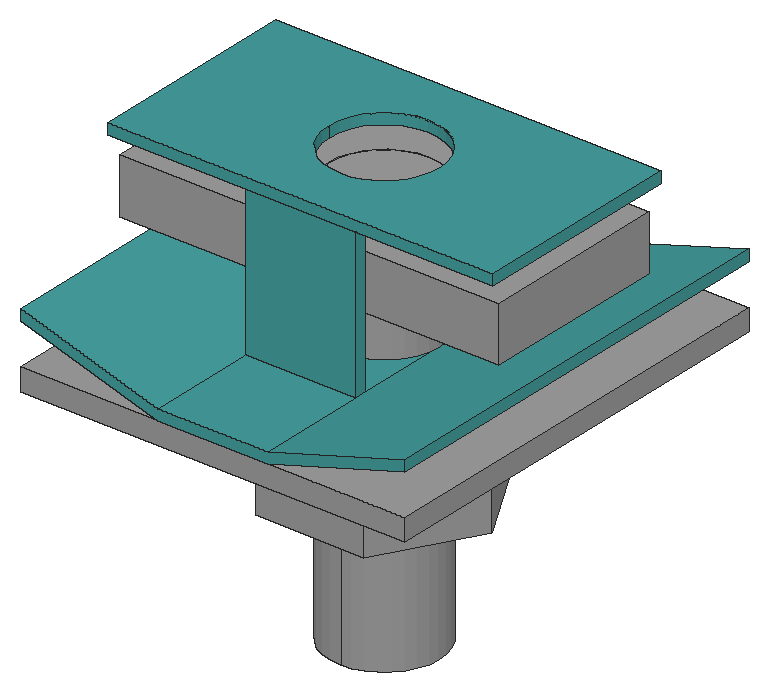
Revit family "HVAC_HangingSystems_Walraven_BIS_RapidStrut_Hammerfix_G2_(BUP1000)", category Mechanical Equipment, Revit 2016
Family settings
  Part Type = Normal
  Round Connector Dimension = Use Diameter
  OmniClass Number = 23.60.30.11.17
  OmniClass Title = Pipework/Ductwork Mechanical Fasteners/Supports
  Work Plane-Based = Yes
  Always vertical = No
  Cut with Voids When Loaded = No
  Shared = No
  Room Calculation Point = No
Parameters (values of type "M10x40mm")
  type_index = 6
  s [instance] = size_lookup(lookup_table_name, "s", 0 mm, type_index)  # 8 mm
  region_index = 1  # constant formula
  product_index [instance] = size_lookup(lookup_table_name, "pi", 0, type_index, M)  # 19
  lookup_table_name [instance] = "BIS RapidStrut Hammerfix G2 (BUP1000)"  # constant formula
  desc_uk [instance] = if(product_index = 23, "BIS RapidStrut Hammerfix G2 (BUP1000) M12x60mm", if(product_index = 22, "BIS RapidStrut Hammerfix G2 (BUP1000) M12x40mm", if(product_index = 21, "BIS RapidStrut Hammerfix G2 (BUP1000) M10x80mm", if(product_index = 20, "BIS RapidStrut Hammerfix G2 (BUP1000) M10x60mm", if(product_index = 19, "BIS RapidStrut Hammerfix G2 (BUP1000) M10x40mm", if(product_index = 18, "BIS RapidStrut Hammerfix G2 (BUP1000) M8x100mm", if(product_index = 17, "BIS RapidStrut Hammerfix G2 (BUP1000) M8x80mm", if(product_index = 16, "BIS RapidStrut Hammerfix G2 (BUP1000) M8x60mm", if(product_index = 15, "BIS RapidStrut Hammerfix G2 (BUP1000) M8x50mm", if(product_index = 14, "BIS RapidStrut Hammerfix G2 (BUP1000) M8x40mm", "0"))))))))))  # "BIS RapidStrut Hammerfix G2 (BUP1000) M10x40mm"
  desc_nl [instance] = if(product_index = 23, "BIS RapidStrut Hammerfix G2 (BUP1000) M12x60mm", if(product_index = 22, "BIS RapidStrut Hammerfix G2 (BUP1000) M12x40mm", if(product_index = 21, "BIS RapidStrut Hammerfix G2 (BUP1000) M10x80mm", if(product_index = 20, "BIS RapidStrut Hammerfix G2 (BUP1000) M10x60mm", if(product_index = 19, "BIS RapidStrut Hammerfix G2 (BUP1000) M10x40mm", if(product_index = 18, "BIS RapidStrut Hammerfix G2 (BUP1000) M8x100mm", if(product_index = 17, "BIS RapidStrut Hammerfix G2 (BUP1000) M8x80mm", if(product_index = 16, "BIS RapidStrut Hammerfix G2 (BUP1000) M8x60mm", if(product_index = 15, "BIS RapidStrut Hammerfix G2 (BUP1000) M8x50mm", if(product_index = 14, "BIS RapidStrut Hammerfix G2 (BUP1000) M8x40mm", "0"))))))))))  # "BIS RapidStrut Hammerfix G2 (BUP1000) M10x40mm"
  Youtube clip = ""
  Weight Net (Kg) = "0"
  Uniformat II Description = ""
  Uniformat II Code = ""
  Uniclass 2015 Name = ""
  Uniclass 2015 Code = ""
  Uniclass 2.0 Description = ""
  Uniclass 2.0 Code = ""
  Uniclass 1.4 Description = ""
  Uniclass 1.4 Code = ""
  URL = "https://www.walraven.com/en/?pid=3407"
  UNSPSC Code = ""
  Technical description = "https://library.walraven.com/repository/rnd/documents/EN-UK/BIS%20RapidStrut%C2%AE%20Hammerfix%20G2%20(BUP1000)%20-%20H%2024%2049%20(EN-UK).pdf"
  SW1 [instance] = size_lookup(lookup_table_name, "SW1", 0 mm, type_index)  # 17 mm
  Region South America = "None"
  Region Oceania = "AU"
  Region North America = "US"
  Region Middle East = "AE, OM, QA, SA"
  Region Europe = "BE, CZ, DE, DK, ES, FR, GB, HR, HU, LT, LV, NL, NO, PL, RO, RU, SE, SK, UA"
  Region Asia = "CN, IN"
  Region Antarctica = "None"
  Region Africa = "ZA"
  RSen_S_max_allowed_load [instance] = size_lookup(lookup_table_name, "load", 0 mm, type_index) / 1 mm  # 9500
  RSen_S_max_torque [instance] = size_lookup(lookup_table_name, "Torque", 0 mm, type_index) / 1 mm  # 15
  RSen_S_net_weight [instance] = size_lookup(lookup_table_name, "weight", 0 mm, type_index) / 1 mm * 1.00 kg  # 0.084 kg
  RSen_C_product_description [instance] = if(region_index = 1, desc_uk, if(region_index = 2, desc_nl, "0"))  # "BIS RapidStrut Hammerfix G2 (BUP1000) M10x40mm"
  QR code = "http://bimobject.com/walraven/product/bis-rapidstrut-hammerfix-g2-bup1000"
  Product url = "https://www.walraven.com/en/?pid=3407"
  Product group = "Slide Nuts"
  Product family = "Rail Systems"
  Product data url = "https://bimobject.com/walraven/product/bis-rapidstrut-hammerfix-g2-bup1000"
  Product certification = ""
  Product SKU = "bis-rapidstrut-hammerfix-g2-bup1000"
  Product Guid = "ad9bd80d-38bb-417b-98c4-a6c9680f30c5"
  OmniClass Description = "Mechanical Pipe Supports"
  OmniClass Code = "23-27 43 13"
  Nominal width = 0 mm
  Nominal height = 0 mm
  NLRS_C_niveau_ontwikkeling = "LOD400"  # constant formula
  RSen_C_material_colour = "grey+green"  # constant formula
  RSen_C_material_finish = "BIS UltraProtect® 1000"  # constant formula
  RSen_C_material_01 = polyoxymethylene (POM)
  RSen_C_material = steel
  RSen_C_length [instance] = 39 mm  # constant formula
  RSen_C_height [instance] = L  # 40 mm
  RSen_C_thickness [instance] = 7.5 mm  # constant formula
  RSen_C_content_releasedate = "04-06-2018"  # constant formula
  RSen_C_content_modification_date = "04-06-2018"  # constant formula
  RSen_C_content_creator = "Itannex bv"  # constant formula
  RSen_C_code_gtin [instance] = ""
  RSen_C_code_manufacturer_product [instance] = if(product_index = 23, "652785206", if(product_index = 22, "652785204", if(product_index = 21, "652785008", if(product_index = 20, "652785006", if(product_index = 19, "652785004", if(product_index = 18, "652785810", if(product_index = 17, "652785808", if(product_index = 16, "652785806", if(product_index = 15, "652785805", if(product_index = 14, "652785804", "0"))))))))))  # "652785004"
  RSen_C_code_manufacturer_gln = ""
  NLRS_C_code_SfB_tabel1 = "50"  # constant formula
  NLRS_C_code_STABU = ""
  RSen_C_code_ETIM_url = "https://prod.etim-international.com/Class/Details?classId=EC002354&classVersion=6"
  RSen_C_code_ETIM = "EC002354"  # constant formula
  RSen_C_intended_use = "hanging systems"  # constant formula
  RSen_C_certificates = "N/A"  # constant formula
  RSen_C_width [instance] = 35 mm  # constant formula
  NBS Reference Description = ""
  NBS Reference Code = ""
  Model = "BIS RapidStrut Hammerfix G2 (BUP1000)"  # constant formula
  Material secondary = ""
  Material main = "Steel"
  Masterformat 2014 Description = ""
  Masterformat 2014 Code = ""
  Manufacturer name = "Walraven"
  Manufacturer country = "China"
  Manufacturer = "Walraven"  # constant formula
  M [instance] = size_lookup(lookup_table_name, "M", 0, type_index)  # 10
  LU [instance] = size_lookup(lookup_table_name, "LU", 0 mm, type_index)  # 12 mm
  L [instance] = size_lookup(lookup_table_name, "L", 0 mm, type_index)  # 40 mm
  IsCustom [instance] = 0 = 1  # no
  Installation instructions = ""
  IfcExportType = "USERDEFINED"  # constant formula
  IfcExportAs = "IfcMechanicalFastenerType"  # constant formula
  IfcDescription = Description  # "hammerfix"
  IFC Classification = "Mechanical Fastener"
  GTIN code = ""
  Edition number = 0
  Design country = "Netherlands"
  Description = "hammerfix"  # constant formula
  Default Elevation = 1219.2 mm
  Date of publishing = "7/20/2018"
  D [instance] = if(M = 8, 8 mm, if(M = 10, 10 mm, if(M = 12, 12 mm, 0 mm)))  # 10 mm
  COBIe Type Category = ""
  Brand url = "https://www.walraven.com"
  BIMobject main category code = "hvac"
  BIMobject main category = "HVAC"
  BIMobject category code = "hvac-hanging-systems"
  BIMobject category = "Hanging Systems"
  Assembly Code = "50"
Types (10, lengths in mm): name | type_index | s | product_index | desc_uk | desc_nl | SW1 | RSen_S_max_allowed_load | RSen_S_max_torque | RSen_S_net_weight | RSen_C_product_description | RSen_C_height | RSen_C_code_manufacturer_product | M | LU | L | D
  M12x60mm | 10 | 10 | 23 | "BIS RapidStrut Hammerfix G2 (BUP1000) M12x60mm" | "BIS RapidStrut Hammerfix G2 (BUP1000) M12x60mm" | 19 | 10000 | 30 | 0.111 kg | "BIS RapidStrut Hammerfix G2 (BUP1000) M12x60mm" | 60 | "652785206" | 12 | 30 | 60 | 12
  M12x40mm | 9 | 10 | 22 | "BIS RapidStrut Hammerfix G2 (BUP1000) M12x40mm" | "BIS RapidStrut Hammerfix G2 (BUP1000) M12x40mm" | 19 | 10000 | 30 | 0.106 kg | "BIS RapidStrut Hammerfix G2 (BUP1000) M12x40mm" | 40 | "652785204" | 12 | 10 | 40 | 12
  M10x80mm | 8 | 8 | 21 | "BIS RapidStrut Hammerfix G2 (BUP1000) M10x80mm" | "BIS RapidStrut Hammerfix G2 (BUP1000) M10x80mm" | 17 | 9500 | 15 | 0.105 kg | "BIS RapidStrut Hammerfix G2 (BUP1000) M10x80mm" | 80 | "652785008" | 10 | 52 | 80 | 10
  M10x60mm | 7 | 8 | 20 | "BIS RapidStrut Hammerfix G2 (BUP1000) M10x60mm" | "BIS RapidStrut Hammerfix G2 (BUP1000) M10x60mm" | 17 | 9500 | 15 | 0.094 kg | "BIS RapidStrut Hammerfix G2 (BUP1000) M10x60mm" | 60 | "652785006" | 10 | 32 | 60 | 10
  M10x40mm | 6 | 8 | 19 | "BIS RapidStrut Hammerfix G2 (BUP1000) M10x40mm" | "BIS RapidStrut Hammerfix G2 (BUP1000) M10x40mm" | 17 | 9500 | 15 | 0.084 kg | "BIS RapidStrut Hammerfix G2 (BUP1000) M10x40mm" | 40 | "652785004" | 10 | 12 | 40 | 10
  M8x100mm | 5 | 6 | 18 | "BIS RapidStrut Hammerfix G2 (BUP1000) M8x100mm" | "BIS RapidStrut Hammerfix G2 (BUP1000) M8x100mm" | 13 | 6000 | 15 | 0.094 kg | "BIS RapidStrut Hammerfix G2 (BUP1000) M8x100mm" | 100 | "652785810" | 8 | 76 | 100 | 8
  M8x80mm | 4 | 6 | 17 | "BIS RapidStrut Hammerfix G2 (BUP1000) M8x80mm" | "BIS RapidStrut Hammerfix G2 (BUP1000) M8x80mm" | 13 | 6000 | 15 | 0.088 kg | "BIS RapidStrut Hammerfix G2 (BUP1000) M8x80mm" | 80 | "652785808" | 8 | 56 | 80 | 8
  M8x60mm | 3 | 6 | 16 | "BIS RapidStrut Hammerfix G2 (BUP1000) M8x60mm" | "BIS RapidStrut Hammerfix G2 (BUP1000) M8x60mm" | 13 | 6000 | 15 | 0.082 kg | "BIS RapidStrut Hammerfix G2 (BUP1000) M8x60mm" | 60 | "652785806" | 8 | 36 | 60 | 8
  M8x50mm | 2 | 6 | 15 | "BIS RapidStrut Hammerfix G2 (BUP1000) M8x50mm" | "BIS RapidStrut Hammerfix G2 (BUP1000) M8x50mm" | 13 | 6000 | 15 | 0.079 kg | "BIS RapidStrut Hammerfix G2 (BUP1000) M8x50mm" | 50 | "652785805" | 8 | 26 | 50 | 8
  M8x40mm | 1 | 6 | 14 | "BIS RapidStrut Hammerfix G2 (BUP1000) M8x40mm" | "BIS RapidStrut Hammerfix G2 (BUP1000) M8x40mm" | 13 | 6000 | 15 | 0.076 kg | "BIS RapidStrut Hammerfix G2 (BUP1000) M8x40mm" | 40 | "652785804" | 8 | 16 | 40 | 8
Reference planes
  plane 1 "Center (Front/Back)": y = 0
  plane 2: z = 0
  plane 3 "Center (Left/Right)": x = 0
  plane 4: y = 9.5
  plane 5: y = -9.5
  plane 6: x = -17.25
  plane 7: x = 17.25
  plane 8 "schuifmoer": z = 7.5
  plane 9: z = 15.5
  plane 10: z = -24.5
  plane 11: x = -17.5
  plane 12: x = 17.5
  plane 13: y = -19.5
  plane 14: y = 19.5
  plane 15 "moer": z = -12.5
Forms (mm)
  Extrusion 1, solid, material "steel" <- "RSen_C_material", detail levels medium+fine
    sketch origin (0, 0, 7.5) x (0, -1, 0) y (1, 0, 0)
      loop
        line (-8.5, -17.25) -> (8.5, -17.25) -> (8.5, 17.25) -> (-8.5, 17.25) -> (-8.5, -17.25)
      loop
        circle (0, 0) r 5
    from 0 to 5
  Extrusion 2, solid, material "steel" <- "RSen_C_material", detail levels medium+fine
    sketch origin (0, 0, 7.5) x (0, -1, 0) y (1, 0, 0)
      loop
        circle (0, 0) r 5
    from 5 to -32
  Extrusion 3, solid, material "steel" <- "RSen_C_material", detail levels medium+fine
    sketch origin (0, 0, 0) x (1, 0, 0) y (0, 1, 0)
      loop
        line (-17.5, 19.5) -> (-17.5, -19.5) -> (17.5, -19.5) -> (17.5, 19.5) -> (-17.5, 19.5)
      loop
        circle (0, 0) r 5
    from 0 to -2
  Extrusion 4, solid, material "polyoxymethylene (POM)" <- "RSen_C_material_01", detail levels medium+fine
    sketch origin (0, 0, 0) x (1, 0, 0) y (0, 0, 1)
      loop
        line (-17.5, 3.75) -> (-5, 0) -> (5, 0) -> (17.5, 3.75) -> (17.5, 4.75) -> (5, 1) -> (-5, 1) -> (-17.5, 4.75) -> (-17.5, 3.75)
    from -19.5 to 19.5
  Extrusion 5, solid, material "polyoxymethylene (POM)" <- "RSen_C_material_01", detail levels medium+fine
    sketch origin (0, 0, 0) x (0, 1, 0) y (0, 0, 1)
      loop
        line (19.5, 0) -> (19.5, 1) -> (9.5, 1) -> (9.5, 12.5) -> (8.5, 12.5) -> (8.5, 0) -> (19.5, 0)
      loop
        line (-19.5, 0) -> (-8.5, 0) -> (-8.5, 14.5) -> (-9.5, 14.5) -> (-9.5, 1) -> (-19.5, 1) -> (-19.5, 0)
    from -5 to 5
  Extrusion 6, solid, material "polyoxymethylene (POM)" <- "RSen_C_material_01", detail levels medium+fine
    sketch origin (0, 0, 0) x (1, 0, 0) y (0, 1, 0)
      loop
        line (-17.5, 9.5) -> (-17.5, -9.5) -> (17.5, -9.5) -> (17.5, 9.5) -> (-17.5, 9.5)
      loop
        circle (0, 0) r 5
    from 14.5 to 15.5
Cuts and joins
  joined: Extrusion 4, Extrusion 5
Lines and regions (mm)
  model lines, style "Equipment", detail levels coarse+medium
    curve 1: line (0, 0, 15.5) -> (0, 0, -24.5)
    curve 2: line (-17.5, 0, 0) -> (17.5, 0, 0)
Dimensions and locks
  equal spacing: plane 4, plane 1 "Center (Front/Back)", plane 5
  locked: plane 5 to plane 4 at 19
  equal spacing: plane 6, plane 3 "Center (Left/Right)", plane 7
  locked: plane 6 to plane 7 at 34.5
  "s": plane 9 to plane 8 "schuifmoer"
  "RSen_C_thickness": plane 8 "schuifmoer" to level
  "L": plane 9 to plane 10
  locked: Extrusion 2 sketch curve to plane 3 "Center (Left/Right)" at 0
  locked: Extrusion 2 sketch curve to plane 1 "Center (Front/Back)"
  equal spacing: plane 11, plane 3 "Center (Left/Right)", plane 12
  equal spacing: plane 13, plane 1 "Center (Front/Back)", plane 14
  locked: plane 13 to plane 14 at 39
  locked: plane 11 to plane 12 at 35
  locked: level to Extrusion 3 at 2
  "LU": plane 15 "moer" to plane 10
  Extrusion 1 sketch curve to plane 3 "Center (Left/Right)" = 0 mm
  Extrusion 1 sketch curve to plane 1 "Center (Front/Back)" = 0 mm
  Extrusion 3 sketch curve to plane 3 "Center (Left/Right)" = 0 mm
  Extrusion 3 sketch curve to plane 1 "Center (Front/Back)" = 0 mm
  plane 8 "schuifmoer" to Extrusion 1 to plane 9 = 5 mm, 3 mm
  plane 8 "schuifmoer" to Extrusion 2 to plane 9 = 5 mm, 3 mm
  locked: Extrusion 4 sketch curve to Extrusion 4 sketch curve at 1  (x2)
  equal spacing: plane 8 "schuifmoer", Extrusion 4 sketch curve, plane 2  (x2)
  equal spacing: Extrusion 4 sketch curve, plane 3 "Center (Left/Right)", Extrusion 4 sketch curve  (x2)
  "D": Extrusion 4 sketch curve to Extrusion 4 sketch curve  (x2)
  locked: Extrusion 5 sketch curve to plane 2 at 1  (x2)
  locked: plane 4 to Extrusion 5 sketch curve at 1
  locked: Extrusion 5 sketch curve to plane 5 at 1
  equal spacing: Extrusion 5, plane 3 "Center (Left/Right)", Extrusion 5
  "D": Extrusion 5 to Extrusion 5
  locked: plane 4 to Extrusion 1 sketch curve at 1
  locked: plane 5 to Extrusion 1 sketch curve at 1
  locked: plane 9 to Extrusion 6 at 1
  "D": diameter of Extrusion 2 sketch curve
  "D": diameter of Extrusion 1 sketch curve
  "D": diameter of Extrusion 3 sketch curve
  "D": diameter of Extrusion 6 sketch curve
  aligned and locked: level to plane 2
  aligned and locked: Extrusion 1 sketch curve to plane 6
  aligned and locked: Extrusion 1 sketch curve to plane 7
  aligned and locked: plane 8 "schuifmoer" to Extrusion 1
  aligned and locked: plane 10 to Extrusion 2
  aligned and locked: plane 14 to Extrusion 3 sketch curve
  aligned and locked: plane 11 to Extrusion 3 sketch curve
  aligned and locked: Extrusion 3 sketch curve to plane 13
  aligned and locked: plane 12 to Extrusion 3 sketch curve
  aligned and locked: level to Extrusion 3
  aligned and locked: Extrusion 3 to level
  aligned and locked: plane 3 "Center (Left/Right)" to nested 1
  aligned and locked: plane 1 "Center (Front/Back)" to nested 1
  aligned and locked: plane 10 to curve 1
  aligned and locked: plane 9 to curve 1
  aligned and locked: curve 1 to plane 3 "Center (Left/Right)"
  aligned and locked: plane 12 to curve 2
  aligned and locked: plane 11 to curve 2
  aligned and locked: curve 2 to level
  aligned and locked: plane 11 to Extrusion 4 sketch curve
  aligned and locked: Extrusion 4 sketch curve to plane 12
  aligned and locked: Extrusion 4 to plane 14
  aligned and locked: plane 13 to Extrusion 4
  aligned and locked: Extrusion 5 sketch curve to plane 13
  aligned and locked: plane 14 to Extrusion 5 sketch curve
  aligned and locked: plane 2 to Extrusion 5 sketch curve
  aligned and locked: Extrusion 5 sketch curve to plane 2
  aligned and locked: Extrusion 5 sketch curve to plane 4
  aligned and locked: Extrusion 5 sketch curve to plane 5
  aligned and locked: Extrusion 1 to Extrusion 2
  aligned and locked: Extrusion 6 sketch curve to plane 4
  aligned and locked: plane 11 to Extrusion 6 sketch curve
  aligned and locked: Extrusion 6 sketch curve to plane 5
  aligned and locked: plane 12 to Extrusion 6 sketch curve
  aligned and locked: Extrusion 6 to plane 9
  aligned and locked: Extrusion 1 to cut or joined group of Extrusion 4, Extrusion 5
Automatic sketch dimensions
  plane 9 to Extrusion 5 sketch curve = 1 mm
  plane 9 to Extrusion 5 sketch curve = 3 mm
  Extrusion 4 sketch curve to level = 0 mm
  level to Extrusion 4 sketch curve = 1 mm
  plane 1 "Center (Front/Back)" to Extrusion 6 sketch curve = 0 mm
  Extrusion 6 sketch curve to plane 3 "Center (Left/Right)" = 0 mm
Nested families
  nested 1: "NLRS_50_ME_ST_moer_GEN" at (0, 0, -12.5), D <- "D", SW1 <- "SW1", type "std", detail levels medium+fine
    with item_description "", catalog_code "", SW1 17 mm, RSen_C_thickness 8 mm, IsCustom no, D 10 mm
Definition of nested family "NLRS_50_ME_ST_moer_GEN"
  Parameters (values of type "std")
    type_index = 1  # constant formula
    item_description [instance] = ""
    catalog_code [instance] = ""
    SW1 [instance] = 13 mm
    RSen_C_material = none
    RSen_C_thickness [instance] = 8 mm  # constant formula
    Model = "-"  # constant formula
    Manufacturer = "-"  # constant formula
    IsCustom [instance] = 0 = 1  # no
    IfcExportType = "USERDEFINED"  # constant formula
    IfcExportAs = "IfcMechanicalFastenerType"  # constant formula
    IfcDescription = Description  # "Hex nut"
    Description = "Hex nut"  # constant formula
    Default Elevation = 1219.2 mm
    D [instance] = 8 mm
  Reference planes
    plane 1 "Center (Front/Back)": y = 0
    plane 2: z = 0
    plane 3 "Center (Left/Right)": x = 0
    plane 4: through (-25.791, 44.671, 1200) normal (0.866, 0.5, 0)
    plane 5: through (25.791, 44.671, 1200) normal (0.866, -0.5, 0)
  Forms (mm)
    Extrusion 1, solid, material <- "RSen_C_material", detail levels medium+fine
      sketch origin (0, 0, 0) x (1, 0, 0) y (0, 1, 0)
        loop
          circle (0, 0) r 4
        loop
          line (7.506, 0) -> (3.753, 6.5) -> (-3.753, 6.5) -> (-7.506, 0) -> (-3.753, -6.5) -> (3.753, -6.5) -> (7.506, 0)
      from 0 to 8 <- "RSen_C_thickness"
  Dimensions and locks
    locked: Extrusion 1 sketch curve to plane 3 "Center (Left/Right)"
    locked: Extrusion 1 sketch curve to plane 1 "Center (Front/Back)"
    equal spacing: Extrusion 1 sketch curve, plane 5, Extrusion 1 sketch curve
    equal spacing: Extrusion 1 sketch curve, plane 4, Extrusion 1 sketch curve
    equal spacing: Extrusion 1 sketch curve, plane 1 "Center (Front/Back)", Extrusion 1 sketch curve
    "SW1": Extrusion 1 sketch curve to Extrusion 1 sketch curve  (x3)
    "D": diameter of Extrusion 1 sketch curve
    aligned and locked: level to plane 2
    aligned and locked: Extrusion 1 to level
